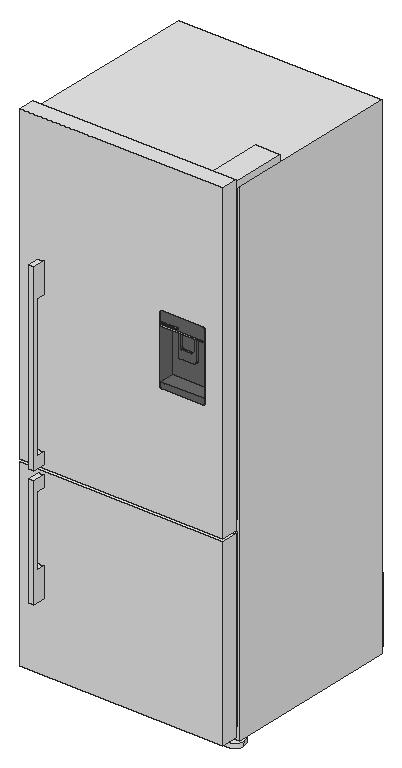
Revit family "Fisher & Paykel Fridge E442BRXFDU4", category Generic Models, host Floor, Revit 2013
Parameters
  URL = "www.fisherpaykel.com"
  Model = "Fridge E442BRXFDU4"
  Manufacturer = "Fisher&Paykel"
  Fridge = Fridge
  Designed by = "www.modlar.com"
  Description = "Fisher & Paykel - Fridge E442BRXFDU4"
Reference planes (in)
  plane 1 "Center (Front/Back)": y = 0
  plane 2: z = 0
  plane 3 "Center (Left/Right)": x = 0
Dimensions and locks (in)
  equal spacing: host sketch curve, plane 1 "Center (Front/Back)", host sketch curve
  equal spacing: host sketch curve, plane 3 "Center (Left/Right)", host sketch curve
  host sketch curve to host sketch curve = 10' - 0"  (x2)
  aligned and locked: level to plane 2
Nested families (in)
  nested 1: "E442BLRXFDU4" at (0, 0, 0) x (-1, 0, 0) z (0, 0, 1), type "E442BLRXFDU4"
Definition of nested family "E442BLRXFDU4"
  Parameters (values of type "E442BLRXFDU4")
    Width = 2' - 2.77165"
    URL = "www.fisherpaykel.com"
    Manufacturer = "Fisher&Paykel"
    Fridge = Fridge
    Model = "Fridge E442BLRXFDU4"
    Height = 5' - 7.51969"
    Designed by = "www.modlar.com"
    Description = "Fisher & Paykel - Fridge E442BLRXFDU4"
    Depth = 2' - 2.1811"
  Reference planes (in)
    plane 1 "Center (Front/Back)": y = 0
    plane 2: z = 0
    plane 3 "Center (Left/Right)": x = 0
    plane 4: x = -13.38583
    plane 5: y = 13.09055
    plane 6: y = -13.09055
    plane 7: x = 13.38583
    plane 8: z = 67.51969
    plane 9: y = -10.9252
    plane 10: z = 0.94488
    plane 11: z = 1.61417
    plane 12: z = 24.76378
    plane 13: z = 25.15748
    plane 14: y = -14.70472
    plane 15: x = -10.97638
    plane 16: z = 50.22441
    plane 17: z = 25.51181
    plane 18: z = 24.37008
    plane 19: z = 9.68504
    plane 20: z = 66.45669
    plane 21: y = -3.64173
    plane 22: x = 13.34646
    plane 23: x = 9.52756
    plane 24: y = 14.27165
    plane 25: z = 10.03937
    plane 26: z = 8.85827
    plane 27: x = -12.59843
    plane 28: x = 12.59843
    plane 29: z = 3.34646
    plane 30: x = 10.97638
    plane 31: y = 15.05906
    plane 32: z = 67.30315
    plane 33: z = 66.45669
    plane 34: y = -10.33465
    plane 35: x = -13.05118
    plane 36: x = 13.09055
    plane 37: z = 66.24016
    plane 38: z = 27.02756
    plane 39: z = 25.55118
    plane 40: z = 2.48031
    plane 41: z = 0.55118
    plane 42 "Front legs": y = -9.59449
    plane 43 "Front wheels": y = -5.87969
    plane 44: x = 10.8937
    plane 45 "Left legs": x = -12.20472
    plane 46 "right legs": x = 12.20472
    plane 47 "Back wheels": y = 11.5022
    plane 48: z = 63.38583
    plane 49: x = -11.00787
    plane 50 "Ice": y = -10.93307
    plane 51: z = 10.61024
  Forms (in)
    Extrusion 1, solid, material "Fridge" <- "Fridge"
      sketch origin (0, 0, 0) x (1, 0, 0) y (0, 1, 0)
        loop
          line (-13.36614, 13.09055) -> (-13.36614, -10.32677) -> (13.36614, -10.32677) -> (13.36614, 13.09055) -> (-13.36614, 13.09055)
      from 0.94488 to 66.45669
    Extrusion 2, solid, material "Fridge" <- "Fridge"
      sketch origin (0, 0, 0) x (1, 0, 0) y (0, 0, 1)
        loop
          line (-13.38583, 1.61417) -> (13.38583, 1.61417) -> (13.38583, 25.70866) -> (-13.38583, 25.70866) -> (-13.38583, 1.61417)
        loop
          line (-13.38583, 26.10236) -> (13.38583, 26.10236) -> (13.38583, 67.51969) -> (-13.38583, 67.51969) -> (-13.38583, 26.10236)
      from 10.9252 to 13.09055
    Extrusion 3, solid, material "Fridge" <- "Fridge"
      sketch origin (18.66142, 0, -0.03114) x (0, 1, 0) y (0, 0, 1)
        loop
          line (-14.70472, 50.60201) -> (-14.70472, 26.50752) -> (-13.09055, 26.50752) -> (-13.09055, 28.08233) -> (-14.15354, 28.08233) -> (-14.15354, 46.665) -> (-13.09055, 46.665) -> (-13.09055, 50.60201) -> (-14.70472, 50.60201)
        loop
          line (-14.70472, 25.36579) -> (-14.70472, 10.64138) -> (-13.09055, 10.64138) -> (-13.09055, 14.57839) -> (-14.15354, 14.57839) -> (-14.15354, 23.79099) -> (-13.09055, 23.79099) -> (-13.09055, 25.36579) -> (-14.70472, 25.36579)
      from -8.37402 to -7.76772
    Extrusion 4, solid, material "Fridge" <- "Fridge"
      sketch origin (0, 0, 0) x (0, 1, 0) y (0, 0, 1)
        loop
          line (14.27165, 0.94488) -> (14.27165, 9.78784) -> (13.09055, 10.96894) -> (13.09055, 0.94488) -> (14.27165, 0.94488)
      from -12.57874 to 12.57874
    Extrusion 5, solid, material "Fridge" <- "Fridge"
      sketch origin (0, 0, 0) x (0, 1, 0) y (0, 0, 1)
        loop
          line (-10.9252, 2.45079) -> (-10.32677, 2.45079) -> (-10.32677, 25.52165) -> (-10.9252, 25.52165) -> (-10.9252, 2.45079)
        loop
          line (-10.9252, 26.98819) -> (-10.32677, 26.98819) -> (-10.32677, 66.23622) -> (-10.9252, 66.23622) -> (-10.9252, 26.98819)
      from -13.05118 to 13.05118
    Extrusion 6, solid, material "Fridge" <- "Fridge"
      sketch origin (0.86586, -0.16515, 0) x (1, 0, 0) y (0, 1, 0)
        loop
          circle (-13.07058, -9.42933) r 0.19291
        loop
          circle (11.33887, -9.42933) r 0.19291
      from 0.55118 to 0.94488
    Extrusion 7, solid, material "Fridge" <- "Fridge"
      sketch origin (0.86546, -0.60554, 0) x (1, 0, 0) y (0, 1, 0)
        loop
          circle (11.33927, -8.98895) r 1.1811
        loop
          circle (-13.07018, -8.98895) r 1.1811
      from 0 to 0.55118
    Extrusion 8, solid, material "Fridge" <- "Fridge"
      sketch origin (0, 0, 0) x (1, 0, 0) y (0, 1, 0)
        loop
          line (-13.32283, -10.9252) -> (-10.16535, -10.9252) -> (-10.16535, -3.64173) -> (-13.32283, -3.64173) -> (-13.32283, -10.9252)
      from 66.45669 to 67.30315
    Extrusion 9, solid, material "Fridge" <- "Fridge"
      sketch origin (0, 0, 0) x (0, 1, 0) y (0, 0, 1)
        loop
          arc (-7.88409, 0.94488) -> (-6.88189, 0) -> (-5.87969, 0.94488) r 1.00394
          line (-5.87969, 0.94488) -> (-7.88409, 0.94488)
        loop
          arc (9.4978, 0.94488) -> (10.5, 0) -> (11.5022, 0.94488) r 1.00394
          line (11.5022, 0.94488) -> (9.4978, 0.94488)
      from -11.30512 to -10.64764
    Extrusion 10, solid, material "Fridge" <- "Fridge"
      sketch origin (21.97047, 0, 0) x (0, 1, 0) y (0, 0, 1)
        loop
          arc (-7.88409, 0.94488) -> (-6.88189, 0) -> (-5.87969, 0.94488) r 1.00394
          line (-5.87969, 0.94488) -> (-7.88409, 0.94488)
        loop
          arc (9.4978, 0.94488) -> (10.5, 0) -> (11.5022, 0.94488) r 1.00394
          line (11.5022, 0.94488) -> (9.4978, 0.94488)
      from -11.32283 to -10.66535
    Extrusion 11, void
      sketch origin (0, 0, 0) x (1, 0, 0) y (0, 0, 1)
        loop
          arc (-10.69291, 50.22441) -> (-10.91562, 50.13216) -> (-11.00787, 49.90945) r 0.31496
          line (-11.00787, 49.90945) -> (-11.00787, 41.26378)
          arc (-11.00787, 41.26378) -> (-10.91562, 41.04107) -> (-10.69291, 40.94882) r 0.31496
          line (-10.69291, 40.94882) -> (-5.39764, 40.94882)
          arc (-5.39764, 40.94882) -> (-5.17493, 41.04107) -> (-5.08268, 41.26378) r 0.31496
          line (-5.08268, 41.26378) -> (-5.08268, 49.90945)
          arc (-5.08268, 49.90945) -> (-5.17493, 50.13216) -> (-5.39764, 50.22441) r 0.31496
          line (-5.39764, 50.22441) -> (-10.69291, 50.22441)
      from 10.93307 to 13.09055
    Extrusion 12, solid, material "Fridge" <- "Fridge"
      sketch origin (-0.02756, 0, 0) x (-1, 0, 0) y (0, 0, -1)
        loop
          circle (10.97638, -3.34646) r 0.19685
      from -14.27165 to -15.05906
  Cuts and joins
    Extrusion 11 cuts Extrusion 1
    Extrusion 11 cuts Extrusion 2
  Dimensions and locks (in)
    equal spacing: plane 4, plane 3 "Center (Left/Right)", plane 7
    equal spacing: plane 5, plane 1 "Center (Front/Back)", plane 6
    "Depth": plane 5 to plane 6
    "Width": plane 4 to plane 7
    "Height": plane 8 to level
    plane 13 to plane 12 to plane 11 to plane 10 to level = 0' - 0.3937", 1' - 11.14961", 0' - 0.66929", 0' - 0.94488"
    plane 14 to plane 6 = 0' - 1.61417"
    plane 4 to plane 15 = 0' - 2.40945"
    plane 20 to level = 5' - 6.45669"
    plane 24 to plane 6 = 2' - 3.3622"
    level to plane 26 to plane 25 = 0' - 8.85827", 0' - 1.1811"
    plane 4 to plane 27 = 0' - 0.7874"
    plane 7 to plane 28 = 0' - 0.7874"
    plane 29 to plane 10 = 0' - 2.40157"
    plane 30 to plane 28 = 0' - 1.62205"
    plane 31 to plane 24 = 0' - 0.7874"
    plane 8 to plane 32 to plane 33 = 0' - 0.21654", 0' - 0.84646"
    plane 34 to plane 9 = 0' - 0.59055"
    plane 4 to plane 35 = 0' - 0.33465"
    plane 7 to plane 36 = 0' - 0.29528"
    plane 20 to plane 37 to plane 38 to plane 39 to plane 40 = 0' - 0.21654", 3' - 3.2126", 0' - 1.47638", 1' - 11.07087"
    plane 10 to plane 41 = 0' - 0.3937"
    plane 6 to plane 9 to plane 34 = 0' - 2.16535", 0' - 0.59055"
    plane 34 to plane 5 = 1' - 11.4252"
    plane 19 to level = 0' - 9.68504"
    plane 18 to level = 2' - 0.37008"
    plane 12 to level = 2' - 0.76378"
    plane 13 to level = 2' - 1.15748"
    level to plane 17 = 2' - 1.51181"
    level to plane 16 = 4' - 2.22441"
    Extrusion 2 to plane 44 = 0' - 2.49213"
    Extrusion 2 to Extrusion 3 = 1' - 4.94882"
    locked: Extrusion 3 to Extrusion 3 at 0.6063
    plane 8 to plane 48 = 0' - 4.13386"
    plane 8 to plane 16 = 1' - 5.29528"
    plane 49 to plane 4 = 0' - 2.37795"
    plane 50 "Ice" to Extrusion 2 = 0' - 2.15748"
    level to Extrusion 3 = 2' - 2.47638"
    plane 51 to level = 0' - 10.61024"
    plane 51 to Extrusion 3 sketch curve = 0' - 3.93701"
    Extrusion 3 sketch curve to Extrusion 3 sketch curve = 0' - 9.2126"
    Extrusion 3 sketch curve to Extrusion 3 sketch curve = 0' - 1.5748"  (x2)
    Extrusion 3 sketch curve to Extrusion 3 sketch curve = 0' - 1.14173"
    Extrusion 3 sketch curve to Extrusion 3 sketch curve = 1' - 6.58268"
    Extrusion 3 sketch curve to Extrusion 3 sketch curve = 0' - 3.93701"
    aligned and locked: plane 2 to level
    aligned and locked: Extrusion 1 sketch curve to plane 5
    aligned and locked: Extrusion 1 to plane 10
    aligned and locked: Extrusion 2 sketch curve to plane 11
    aligned and locked: Extrusion 2 sketch curve to plane 4  (x2)
    aligned and locked: Extrusion 2 sketch curve to plane 7
    aligned and locked: plane 14 to Extrusion 3 sketch curve  (x2)
    aligned and locked: Extrusion 3 sketch curve to plane 6  (x2)
    aligned and locked: plane 20 to Extrusion 1
    aligned and locked: Extrusion 2 sketch curve to plane 8
    aligned and locked: plane 24 to Extrusion 4 sketch curve
    aligned and locked: plane 10 to Extrusion 4 sketch curve
    aligned and locked: plane 5 to Extrusion 4 sketch curve
    aligned and locked: plane 9 to Extrusion 5 sketch curve  (x2)
    aligned and locked: plane 35 to Extrusion 5
    aligned and locked: Extrusion 6 to Extrusion 1
    aligned and locked: plane 41 to Extrusion 6
    aligned and locked: Extrusion 7 to level
    aligned and locked: Extrusion 7 to Extrusion 6
    aligned and locked: plane 44 to Extrusion 3
    aligned and locked: plane 32 to Extrusion 8
    aligned and locked: Extrusion 8 to Extrusion 1
    aligned and locked: Extrusion 8 to plane 20
  Automatic sketch dimensions
    Extrusion 1 sketch curve to plane 34 = 0' - 0.00787"
    plane 4 to Extrusion 1 sketch curve = 0' - 0.01969"
    plane 7 to Extrusion 1 sketch curve = 0' - 0.01969"
    plane 7 to Extrusion 2 sketch curve = 0' - 0"
    Extrusion 2 sketch curve to plane 39 = 0' - 0.15748"
    Extrusion 2 sketch curve to Extrusion 2 sketch curve = 0' - 0.3937"
    Extrusion 3 sketch curve to plane 6 = 0' - 0"  (x2)
    Extrusion 3 sketch curve to plane 51 = 0' - 0"
    plane 14 to Extrusion 3 sketch curve = 0' - 0.55118"  (x2)
    Extrusion 4 sketch curve to plane 19 = 0' - 0.1028"
    plane 51 to Extrusion 4 sketch curve = 0' - 0.3587"
    Extrusion 5 sketch curve to plane 34 = 0' - 0.00787"  (x2)
    plane 40 to Extrusion 5 sketch curve = 0' - 0.02953"
    Extrusion 5 sketch curve to plane 17 = 0' - 0.00984"
    plane 38 to Extrusion 5 sketch curve = 0' - 0.03937"
    plane 37 to Extrusion 5 sketch curve = 0' - 0.00394"
    plane 42 "Front legs" to Extrusion 6 sketch curve = 0' - 0"  (x2)
    Extrusion 6 sketch curve to plane 45 "Left legs" = 0' - 0"
    Extrusion 6 sketch curve to plane 46 "right legs" = 0' - 0"
    plane 42 "Front legs" to Extrusion 7 sketch curve = 0' - 0"  (x2)
    Extrusion 7 sketch curve to plane 45 "Left legs" = 0' - 0"
    Extrusion 7 sketch curve to plane 46 "right legs" = 0' - 0"
    Extrusion 8 sketch curve to plane 21 = 0' - 0"
    plane 9 to Extrusion 8 sketch curve = 0' - 0"
    plane 4 to Extrusion 8 sketch curve = 0' - 0.06299"
    Extrusion 8 sketch curve to plane 15 = 0' - 0.81102"
    Extrusion 9 sketch curve to plane 10 = 0' - 0"  (x2)
    Extrusion 9 sketch curve to plane 43 "Front wheels" = 0' - 0"
    Extrusion 9 sketch curve to plane 47 "Back wheels" = 0' - 0"
    Extrusion 9 sketch curve to plane 42 "Front legs" = 0' - 1.7104"
    plane 47 "Back wheels" to Extrusion 9 sketch curve = 0' - 2.0044"
    plane 10 to Extrusion 9 sketch curve = 0' - 0.05906"  (x2)
    Extrusion 10 sketch curve to plane 10 = 0' - 0"  (x2)
    Extrusion 10 sketch curve to plane 43 "Front wheels" = 0' - 0"
    Extrusion 10 sketch curve to plane 47 "Back wheels" = 0' - 0"
    Extrusion 10 sketch curve to plane 42 "Front legs" = 0' - 1.7104"
    plane 47 "Back wheels" to Extrusion 10 sketch curve = 0' - 2.0044"
    plane 10 to Extrusion 10 sketch curve = 0' - 0.05906"  (x2)
    Extrusion 11 sketch curve to plane 49 = 0' - 0"
    Extrusion 11 sketch curve to plane 16 = 0' - 0"
    Extrusion 11 sketch curve to plane 15 = 0' - 0.28346"  (x2)
    plane 16 to Extrusion 11 sketch curve = 0' - 9.27559"
    Extrusion 11 sketch curve to Extrusion 11 sketch curve = 0' - 5.29528"  (x2)
    plane 16 to Extrusion 11 sketch curve = 0' - 0.31496"
    Extrusion 12 sketch curve to plane 29 = 0' - 0"
    plane 49 to Extrusion 12 sketch curve = 0' - 0.00394"
    radius of Extrusion 6 sketch curve = 0' - 0.19291"  (x2)
    radius of Extrusion 7 sketch curve = 0' - 1.1811"  (x2)
    radius of Extrusion 12 sketch curve = 0' - 0.19685"
  Nested families (in)
    nested 1: "Ice maker" at (-11.00787, -10.93307, 40.94882), type "Ice maker"
  Definition of nested family "Ice maker"
    Parameters (values of type "Ice maker")
      Right = yes
      Left = not(Right)  # no
      Ice maker = UHMW, Black
      Fridge = Fridge
      Frame = Steel, Polished
      Brand = none
    Reference planes (in)
      plane 1 "Center (Front/Back)": y = 0
      plane 2: z = 0
      plane 3 "Center (Left/Right)": x = 0
      plane 4: y = -2.15748
      plane 5: x = 5.9252
      plane 6: z = 9.27559
      plane 7: z = 0.7874
      plane 8: z = 7.36614
      plane 9: z = 7.58268
      plane 10: z = 7.72161
      plane 11: x = 0.20906
      plane 12: x = 2.9626
      plane 13 "ice": y = -1.07874
      plane 14: y = -1.31496
      plane 15: y = -1.19685
      plane 16: z = 7.05118
      plane 17: x = 0.03937
      plane 18: x = 5.88583
      plane 19: y = -0.19685
      plane 20: x = 5.71614
    Forms (in)
      Extrusion 1, solid, material "Steel, Polished" <- "Frame"
        sketch origin (0, 0, 0) x (1, 0, 0) y (0, 0, 1)
          loop
            line (0.03937, 7.36614) -> (5.88583, 7.36614) -> (5.88583, 7.58268) -> (0.03937, 7.58268) -> (0.03937, 7.36614)
        from 0 to 2.15748
      Extrusion 2, solid, material "UHMW, Black" <- "Ice maker"
        sketch origin (0, 0, 0) x (1, 0, 0) y (0, 0, 1)
          loop
            arc (0.31496, 9.27559) -> (0.09225, 9.18334) -> (0, 8.96063) r 0.31496
            line (0, 8.96063) -> (0, 0.31496)
            arc (0, 0.31496) -> (0.09225, 0.09225) -> (0.31496, 0) r 0.31496
            line (0.31496, 0) -> (5.61024, 0)
            arc (5.61024, 0) -> (5.83295, 0.09225) -> (5.9252, 0.31496) r 0.31496
            line (5.9252, 0.31496) -> (5.9252, 8.96063)
            arc (5.9252, 8.96063) -> (5.83295, 9.18334) -> (5.61024, 9.27559) r 0.31496
            line (5.61024, 9.27559) -> (0.31496, 9.27559)
          loop
            line (0.03937, 7.58268) -> (0.03937, 0.7874) -> (5.88583, 0.7874) -> (5.88583, 7.58268) -> (0.03937, 7.58268)
        from 0 to 2.15748
      Extrusion 3, solid, material "Steel, Polished" <- "Frame", visible <- "Left"
        sketch origin (1.48386, -0.72498, 6.03523) x (1, 0, 0) y (0, 0, 1)
          loop
            line (-1.21864, 1.89726) -> (-1.27481, 1.68638) -> (-1.22418, 1.68638) -> (-1.20127, 1.77302) -> (-1.08384, 1.77302) -> (-1.07478, 1.8065) -> (-1.19219, 1.8065) -> (-1.17712, 1.86378) -> (-1.0534, 1.86378) -> (-1.04431, 1.89726) -> (-1.21864, 1.89726)
          loop
            line (-1.03819, 1.86696) -> (-0.99349, 1.86696) -> (-0.98521, 1.89726) -> (-1.02988, 1.89726) -> (-1.03819, 1.86696)
          loop
            line (-1.04692, 1.83403) -> (-1.08603, 1.68638) -> (-1.04135, 1.68638) -> (-1.00219, 1.83403) -> (-1.04692, 1.83403)
          loop
            line (0.84587, 1.68638) -> (0.89058, 1.68638) -> (0.94672, 1.89726) -> (0.90201, 1.89726) -> (0.84587, 1.68638)
          loop
            spline (-0.77488, 1.77016) -> (-0.76838, 1.78427) -> (-0.76144, 1.79419) -> (-0.75405, 1.80066) -> (-0.74615, 1.8044) -> (-0.7377, 1.80613) -> (-0.72866, 1.80656) -> (-0.71905, 1.80637) -> (-0.70952, 1.80544) -> (-0.70118, 1.80314) -> (-0.69517, 1.79883) -> (-0.69261, 1.79186) -> (-0.69462, 1.78157)
            line (-0.69462, 1.78157) -> (-0.71993, 1.68638) -> (-0.67526, 1.68638) -> (-0.64878, 1.78659)
            spline (-0.64878, 1.78659) -> (-0.64524, 1.80868) -> (-0.65113, 1.82225) -> (-0.66154, 1.82974) -> (-0.67192, 1.83352) -> (-0.68103, 1.83506) -> (-0.68939, 1.83537) -> (-0.69758, 1.83537) -> (-0.7063, 1.83531) -> (-0.71635, 1.83514) -> (-0.72861, 1.83383) -> (-0.74417, 1.82704) -> (-0.76419, 1.80971)
            line (-0.76419, 1.80971) -> (-0.7409, 1.89726) -> (-0.78554, 1.89726) -> (-0.84169, 1.68638) -> (-0.79701, 1.68638) -> (-0.77488, 1.77016)
          loop
            line (-0.43056, 1.83403) -> (-0.46969, 1.68638) -> (-0.42496, 1.68638) -> (-0.40208, 1.77329)
            spline (-0.40208, 1.77329) -> (-0.3967, 1.7866) -> (-0.39128, 1.79565) -> (-0.38568, 1.80132) -> (-0.37976, 1.80448) -> (-0.37337, 1.80602) -> (-0.36637, 1.8068) -> (-0.35885, 1.80732) -> (-0.35168, 1.80687) -> (-0.34583, 1.80453) -> (-0.34231, 1.79936) -> (-0.34209, 1.79044) -> (-0.34618, 1.77684)
            line (-0.34618, 1.77684) -> (-0.30401, 1.77684)
            spline (-0.30401, 1.77684) -> (-0.2994, 1.80487) -> (-0.3015, 1.81927) -> (-0.30738, 1.82556) -> (-0.31427, 1.82894) -> (-0.32121, 1.83139) -> (-0.32834, 1.83286) -> (-0.33588, 1.83337) -> (-0.3442, 1.83313) -> (-0.35365, 1.83234) -> (-0.3648, 1.82973) -> (-0.37844, 1.82177) -> (-0.39538, 1.80479)
            line (-0.39538, 1.80479) -> (-0.38588, 1.83403) -> (-0.43056, 1.83403)
          loop
            line (0.37675, 1.68638) -> (0.40913, 1.68638)
            arc (0.40913, 1.68638) -> (0.39373, 1.66965) -> (0.37596, 1.65546) r 0.14936
            arc (0.37596, 1.65546) -> (0.35908, 1.64902) -> (0.34126, 1.65194) r 0.03468
            line (0.34126, 1.65194) -> (0.33645, 1.62157)
            arc (0.33645, 1.62157) -> (0.35651, 1.62111) -> (0.37641, 1.62367) r 0.13362
            arc (0.37641, 1.62367) -> (0.40155, 1.63347) -> (0.42202, 1.65107) r 0.08014
            arc (0.42202, 1.65107) -> (0.43186, 1.66381) -> (0.44084, 1.67719) r 0.24064
            line (0.44084, 1.67719) -> (0.53099, 1.83403) -> (0.48474, 1.83403) -> (0.41548, 1.70946) -> (0.40287, 1.83403) -> (0.35545, 1.83403) -> (0.37675, 1.68638)
          loop
            line (0.55435, 1.89726) -> (0.49789, 1.68638) -> (0.54259, 1.68638) -> (0.55996, 1.7518) -> (0.59194, 1.7518) -> (0.63463, 1.68638) -> (0.68419, 1.68638) -> (0.62769, 1.76446) -> (0.71031, 1.83403) -> (0.66429, 1.83403) -> (0.59948, 1.77651) -> (0.56671, 1.77651) -> (0.59868, 1.89726) -> (0.55435, 1.89726)
          loop
            line (-0.06205, 1.68638) -> (-0.01148, 1.68638) -> (0.00672, 1.75435) -> (0.06563, 1.75435)
            spline (0.06563, 1.75435) -> (0.10605, 1.75615) -> (0.1335, 1.76119) -> (0.1516, 1.76889) -> (0.16389, 1.77871) -> (0.1727, 1.79053) -> (0.17932, 1.80454) -> (0.18501, 1.82097) -> (0.19059, 1.83986) -> (0.19243, 1.85953) -> (0.18454, 1.8774) -> (0.16089, 1.89084) -> (0.11546, 1.89726)
            line (0.11546, 1.89726) -> (-0.00594, 1.89726) -> (-0.06205, 1.68638)
          loop
            line (0.03561, 1.86378) -> (0.01583, 1.78914) -> (0.07275, 1.78914)
            spline (0.07275, 1.78914) -> (0.09203, 1.78854) -> (0.10627, 1.79103) -> (0.11648, 1.79607) -> (0.1237, 1.80312) -> (0.12896, 1.81163) -> (0.13329, 1.82106) -> (0.13706, 1.83085) -> (0.13902, 1.84038) -> (0.13769, 1.84906) -> (0.13156, 1.85626) -> (0.11915, 1.86137) -> (0.09895, 1.86378)
            line (0.09895, 1.86378) -> (0.03561, 1.86378)
          loop
            line (-0.58909, 1.77584) -> (-0.50844, 1.77584)
            spline (-0.50844, 1.77584) -> (-0.50477, 1.7897) -> (-0.50626, 1.79911) -> (-0.51183, 1.8049) -> (-0.52039, 1.80789) -> (-0.53086, 1.8089) -> (-0.54215, 1.80876) -> (-0.55324, 1.80813) -> (-0.56357, 1.80661) -> (-0.57272, 1.80342) -> (-0.58029, 1.79775) -> (-0.58589, 1.78883) -> (-0.58909, 1.77584)
          loop
            arc (-0.47047, 1.75374) -> (-0.46467, 1.77241) -> (-0.46052, 1.79151) r 0.22409
            arc (-0.46052, 1.79151) -> (-0.46283, 1.81165) -> (-0.47562, 1.82739) r 0.03615
            arc (-0.47562, 1.82739) -> (-0.51655, 1.83464) -> (-0.55811, 1.83404) r 0.21941
            arc (-0.55811, 1.83404) -> (-0.59608, 1.82507) -> (-0.6245, 1.79835) r 0.0755
            arc (-0.6245, 1.79835) -> (-0.64124, 1.75562) -> (-0.64173, 1.70974) r 0.12717
            arc (-0.64173, 1.70974) -> (-0.62583, 1.69088) -> (-0.60192, 1.6848) r 0.04036
            arc (-0.60192, 1.6848) -> (-0.56216, 1.68374) -> (-0.52247, 1.68644) r 0.41992
            arc (-0.52247, 1.68644) -> (-0.48922, 1.70021) -> (-0.47545, 1.73346) r 0.04702
            line (-0.47545, 1.73346) -> (-0.51991, 1.73346)
            spline (-0.51991, 1.73346) -> (-0.52641, 1.7225) -> (-0.53475, 1.71575) -> (-0.54438, 1.71231) -> (-0.55476, 1.71125) -> (-0.56536, 1.71165) -> (-0.57562, 1.7126) -> (-0.58498, 1.71387) -> (-0.59277, 1.71624) -> (-0.59837, 1.72055) -> (-0.60111, 1.72767) -> (-0.60035, 1.73845) -> (-0.59543, 1.75374)
            line (-0.59543, 1.75374) -> (-0.47047, 1.75374)
          loop
            line (0.729, 1.77651) -> (0.80965, 1.77651)
            spline (0.80965, 1.77651) -> (0.81332, 1.79037) -> (0.81182, 1.79978) -> (0.80626, 1.80557) -> (0.7977, 1.80855) -> (0.78723, 1.80957) -> (0.77594, 1.80943) -> (0.76485, 1.80879) -> (0.75452, 1.80727) -> (0.74537, 1.80408) -> (0.73779, 1.79842) -> (0.7322, 1.78949) -> (0.729, 1.77651)
          loop
            arc (0.84762, 1.75441) -> (0.85342, 1.77307) -> (0.85757, 1.79218) r 0.22409
            arc (0.85757, 1.79218) -> (0.85526, 1.81232) -> (0.84247, 1.82805) r 0.03615
            arc (0.84247, 1.82805) -> (0.80154, 1.8353) -> (0.75998, 1.83471) r 0.21941
            arc (0.75998, 1.83471) -> (0.72201, 1.82574) -> (0.69359, 1.79902) r 0.0755
            arc (0.69359, 1.79902) -> (0.67684, 1.75629) -> (0.67636, 1.7104) r 0.12717
            arc (0.67636, 1.7104) -> (0.69226, 1.69154) -> (0.71617, 1.68547) r 0.04036
            arc (0.71617, 1.68547) -> (0.75593, 1.6844) -> (0.79561, 1.6871) r 0.41992
            arc (0.79561, 1.6871) -> (0.82886, 1.70088) -> (0.84264, 1.73413) r 0.04702
            line (0.84264, 1.73413) -> (0.79818, 1.73413)
            spline (0.79818, 1.73413) -> (0.79168, 1.72316) -> (0.78334, 1.71642) -> (0.77371, 1.71298) -> (0.76333, 1.71192) -> (0.75273, 1.71232) -> (0.74247, 1.71326) -> (0.73311, 1.71453) -> (0.72531, 1.7169) -> (0.71972, 1.72122) -> (0.71698, 1.72834) -> (0.71774, 1.73912) -> (0.72265, 1.75441)
            line (0.72265, 1.75441) -> (0.84762, 1.75441)
          loop
            spline (0.34357, 1.78282) -> (0.34514, 1.80817) -> (0.33825, 1.82221) -> (0.32608, 1.82885) -> (0.31179, 1.83195) -> (0.29711, 1.83392) -> (0.2819, 1.83518) -> (0.2659, 1.83602) -> (0.24885, 1.83672) -> (0.23103, 1.83605) -> (0.21351, 1.83063) -> (0.19741, 1.8169) -> (0.18387, 1.79132)
            line (0.18387, 1.79132) -> (0.2289, 1.79132)
            arc (0.2289, 1.79132) -> (0.23491, 1.80582) -> (0.24941, 1.81183) r 0.0205
            arc (0.24941, 1.81183) -> (0.27155, 1.81341) -> (0.29326, 1.80876) r 0.079
            arc (0.29326, 1.80876) -> (0.29854, 1.78222) -> (0.29021, 1.75648) r 0.0537
            spline (0.29021, 1.75648) -> (0.25293, 1.77339) -> (0.22163, 1.77311) -> (0.19705, 1.76753) -> (0.17847, 1.75667) -> (0.16578, 1.74041) -> (0.16021, 1.72179) -> (0.16172, 1.70577) -> (0.17066, 1.69534) -> (0.18929, 1.68864) -> (0.21708, 1.68483) -> (0.25126, 1.68843) -> (0.28583, 1.71734)
            line (0.28583, 1.71734) -> (0.27319, 1.68638) -> (0.31786, 1.68638) -> (0.34357, 1.78282)
          loop
            spline (-1.01895, 1.73288) -> (-0.9943, 1.6855) -> (-0.9432, 1.68189) -> (-0.89987, 1.68748) -> (-0.86658, 1.70144) -> (-0.84565, 1.72641) -> (-0.84352, 1.7545) -> (-0.8679, 1.77161) -> (-0.91458, 1.77453) -> (-0.94827, 1.77943) -> (-0.95261, 1.79669) -> (-0.91556, 1.8125) -> (-0.87847, 1.79357)
            line (-0.87847, 1.79357) -> (-0.83534, 1.79357)
            spline (-0.83534, 1.79357) -> (-0.85718, 1.83183) -> (-0.90436, 1.83682) -> (-0.94598, 1.83455) -> (-0.97844, 1.8221) -> (-0.99512, 1.79396) -> (-0.99657, 1.76337) -> (-0.9667, 1.75045) -> (-0.92393, 1.74843) -> (-0.8944, 1.74297) -> (-0.89006, 1.72543) -> (-0.93102, 1.70701) -> (-0.9682, 1.73288)
            line (-0.9682, 1.73288) -> (-1.01895, 1.73288)
          loop
            arc (-0.11033, 1.72906) -> (-0.10165, 1.7495) -> (-0.09658, 1.77111) r 0.13002
            line (-0.09658, 1.77111) -> (-0.12583, 1.78061)
            arc (-0.12583, 1.78061) -> (-0.12972, 1.76452) -> (-0.13439, 1.74863) r 0.33888
            line (-0.13439, 1.74863) -> (-0.18597, 1.79044)
            spline (-0.18597, 1.79044) -> (-0.11521, 1.8076) -> (-0.09563, 1.82455) -> (-0.08715, 1.84733) -> (-0.091, 1.87056) -> (-0.10776, 1.88218) -> (-0.13051, 1.88799) -> (-0.15734, 1.89126) -> (-0.18798, 1.89134) -> (-0.21655, 1.88543) -> (-0.23876, 1.87119) -> (-0.25423, 1.84727) -> (-0.24628, 1.79766)
            spline (-0.24628, 1.79766) -> (-0.28906, 1.77986) -> (-0.30113, 1.76115) -> (-0.30634, 1.74244) -> (-0.30965, 1.72168) -> (-0.30606, 1.70372) -> (-0.29255, 1.69368) -> (-0.27462, 1.68816) -> (-0.25527, 1.68513) -> (-0.23382, 1.68407) -> (-0.2064, 1.68395) -> (-0.17102, 1.68742) -> (-0.13196, 1.70724)
            line (-0.13196, 1.70724) -> (-0.09709, 1.67965) -> (-0.07535, 1.70139) -> (-0.11033, 1.72906)
          loop
            spline (-0.22259, 1.78464) -> (-0.25235, 1.77437) -> (-0.26391, 1.75708) -> (-0.26961, 1.73909) -> (-0.27203, 1.7239) -> (-0.26871, 1.7134) -> (-0.25966, 1.70754) -> (-0.24697, 1.70469) -> (-0.23175, 1.70347) -> (-0.21283, 1.70314) -> (-0.18896, 1.70328) -> (-0.16334, 1.70725) -> (-0.14319, 1.72183)
            line (-0.14319, 1.72183) -> (-0.22259, 1.78464)
          loop
            line (-0.20026, 1.80202) -> (-0.15956, 1.80847)
            spline (-0.15956, 1.80847) -> (-0.13211, 1.8227) -> (-0.12788, 1.83852) -> (-0.12918, 1.84922) -> (-0.13606, 1.85499) -> (-0.14858, 1.85717) -> (-0.16393, 1.8574) -> (-0.17951, 1.85661) -> (-0.19326, 1.85466) -> (-0.20421, 1.85059) -> (-0.21365, 1.84195) -> (-0.21844, 1.82631) -> (-0.20026, 1.80202)
          loop
            arc (0.26439, 1.71816) -> (0.26304, 1.73938) -> (0.24476, 1.75024) r 0.02277
            arc (0.24476, 1.75024) -> (0.22922, 1.74985) -> (0.21392, 1.74712) r 0.10279
            arc (0.21392, 1.74712) -> (0.19962, 1.73607) -> (0.19778, 1.71809) r 0.0229
            arc (0.19778, 1.71809) -> (0.21277, 1.71009) -> (0.22908, 1.70531) r 0.08275
            arc (0.22908, 1.70531) -> (0.24848, 1.70694) -> (0.26439, 1.71816) r 0.03709
        from 1.4325 to 1.47187
      Extrusion 4, solid, material "UHMW, Black" <- "Ice maker"
        sketch origin (0, -1.07874, 0) x (0, 0, 1) y (-1, 0, 0)
          loop
            line (7.36614, -1.7815) -> (4.1378, -1.7815)
            arc (4.1378, -1.7815) -> (3.91508, -1.87375) -> (3.82283, -2.09646) r 0.31496
            line (3.82283, -2.09646) -> (3.82283, -3.82874)
            arc (3.82283, -3.82874) -> (3.91508, -4.05145) -> (4.1378, -4.1437) r 0.31496
            line (4.1378, -4.1437) -> (7.36614, -4.1437) -> (7.36614, -3.8878) -> (5.25984, -3.8878)
            arc (5.25984, -3.8878) -> (5.05105, -3.80131) -> (4.96457, -3.59252) r 0.29528
            line (4.96457, -3.59252) -> (4.96457, -2.33268)
            arc (4.96457, -2.33268) -> (5.05105, -2.12389) -> (5.25984, -2.0374) r 0.29528
            line (5.25984, -2.0374) -> (7.36614, -2.0374) -> (7.36614, -1.7815)
        from 0 to 0.23622
      Extrusion 5, solid, material "Steel, Polished" <- "Frame"
        sketch origin (0, 0, 0) x (1, 0, 0) y (0, 1, 0)
          loop
            circle (2.9626, -1.19685) r 0.29528
        from 7.05118 to 7.36614
      Extrusion 6, solid, material "UHMW, Black" <- "Ice maker"
        sketch origin (0, -1.07874, 0) x (0, 0, 1) y (-1, 0, 0)
          loop
            line (7.36614, -0.03937) -> (0.7874, -0.03937) -> (0.7874, -5.88583) -> (7.36614, -5.88583) -> (7.36614, -0.03937)
        from -1.07874 to -0.88189
      Extrusion 7, solid, material "Steel, Polished" <- "Frame", visible <- "Right"
        sketch origin (4.44134, -0.72498, 6.03523) x (-1, 0, 0) y (0, 0, -1)
          loop
            line (-1.21864, -1.89726) -> (-1.04431, -1.89726) -> (-1.0534, -1.86378) -> (-1.17712, -1.86378) -> (-1.19219, -1.8065) -> (-1.07478, -1.8065) -> (-1.08384, -1.77302) -> (-1.20127, -1.77302) -> (-1.22418, -1.68638) -> (-1.27481, -1.68638) -> (-1.21864, -1.89726)
          loop
            line (-1.03819, -1.86696) -> (-1.02988, -1.89726) -> (-0.98521, -1.89726) -> (-0.99349, -1.86696) -> (-1.03819, -1.86696)
          loop
            line (-1.04692, -1.83403) -> (-1.00219, -1.83403) -> (-1.04135, -1.68638) -> (-1.08603, -1.68638) -> (-1.04692, -1.83403)
          loop
            line (0.84587, -1.68638) -> (0.90201, -1.89726) -> (0.94672, -1.89726) -> (0.89058, -1.68638) -> (0.84587, -1.68638)
          loop
            line (-0.77488, -1.77016) -> (-0.79701, -1.68638) -> (-0.84169, -1.68638) -> (-0.78554, -1.89726) -> (-0.7409, -1.89726) -> (-0.76419, -1.80971)
            spline (-0.76419, -1.80971) -> (-0.74417, -1.82704) -> (-0.72861, -1.83383) -> (-0.71635, -1.83514) -> (-0.7063, -1.83531) -> (-0.69758, -1.83537) -> (-0.68939, -1.83537) -> (-0.68103, -1.83506) -> (-0.67192, -1.83352) -> (-0.66154, -1.82974) -> (-0.65113, -1.82225) -> (-0.64524, -1.80868) -> (-0.64878, -1.78659)
            line (-0.64878, -1.78659) -> (-0.67526, -1.68638) -> (-0.71993, -1.68638) -> (-0.69462, -1.78157)
            spline (-0.69462, -1.78157) -> (-0.69261, -1.79186) -> (-0.69517, -1.79883) -> (-0.70118, -1.80314) -> (-0.70952, -1.80544) -> (-0.71905, -1.80637) -> (-0.72866, -1.80656) -> (-0.7377, -1.80613) -> (-0.74615, -1.8044) -> (-0.75405, -1.80066) -> (-0.76144, -1.79419) -> (-0.76838, -1.78427) -> (-0.77488, -1.77016)
          loop
            line (-0.43056, -1.83403) -> (-0.38588, -1.83403) -> (-0.39538, -1.80479)
            spline (-0.39538, -1.80479) -> (-0.37844, -1.82177) -> (-0.3648, -1.82973) -> (-0.35365, -1.83234) -> (-0.3442, -1.83313) -> (-0.33588, -1.83337) -> (-0.32834, -1.83286) -> (-0.32121, -1.83139) -> (-0.31427, -1.82894) -> (-0.30738, -1.82556) -> (-0.3015, -1.81927) -> (-0.2994, -1.80487) -> (-0.30401, -1.77684)
            line (-0.30401, -1.77684) -> (-0.34618, -1.77684)
            spline (-0.34618, -1.77684) -> (-0.34209, -1.79044) -> (-0.34231, -1.79936) -> (-0.34583, -1.80453) -> (-0.35168, -1.80687) -> (-0.35885, -1.80732) -> (-0.36637, -1.8068) -> (-0.37337, -1.80602) -> (-0.37976, -1.80448) -> (-0.38568, -1.80132) -> (-0.39128, -1.79565) -> (-0.3967, -1.7866) -> (-0.40208, -1.77329)
            line (-0.40208, -1.77329) -> (-0.42496, -1.68638) -> (-0.46969, -1.68638) -> (-0.43056, -1.83403)
          loop
            line (0.37675, -1.68638) -> (0.35545, -1.83403) -> (0.40287, -1.83403) -> (0.41548, -1.70946) -> (0.48474, -1.83403) -> (0.53099, -1.83403) -> (0.44084, -1.67719)
            arc (0.44084, -1.67719) -> (0.43186, -1.66381) -> (0.42202, -1.65107) r 0.24064
            arc (0.42202, -1.65107) -> (0.40155, -1.63347) -> (0.37641, -1.62367) r 0.08014
            arc (0.37641, -1.62367) -> (0.35651, -1.62111) -> (0.33645, -1.62157) r 0.13362
            line (0.33645, -1.62157) -> (0.34126, -1.65194)
            arc (0.34126, -1.65194) -> (0.35908, -1.64902) -> (0.37596, -1.65546) r 0.03468
            arc (0.37596, -1.65546) -> (0.39373, -1.66965) -> (0.40913, -1.68638) r 0.14936
            line (0.40913, -1.68638) -> (0.37675, -1.68638)
          loop
            line (0.55435, -1.89726) -> (0.59868, -1.89726) -> (0.56671, -1.77651) -> (0.59948, -1.77651) -> (0.66429, -1.83403) -> (0.71031, -1.83403) -> (0.62769, -1.76446) -> (0.68419, -1.68638) -> (0.63463, -1.68638) -> (0.59194, -1.7518) -> (0.55996, -1.7518) -> (0.54259, -1.68638) -> (0.49789, -1.68638) -> (0.55435, -1.89726)
          loop
            line (-0.06205, -1.68638) -> (-0.00594, -1.89726) -> (0.11546, -1.89726)
            spline (0.11546, -1.89726) -> (0.16089, -1.89084) -> (0.18454, -1.8774) -> (0.19243, -1.85953) -> (0.19059, -1.83986) -> (0.18501, -1.82097) -> (0.17932, -1.80454) -> (0.1727, -1.79053) -> (0.16389, -1.77871) -> (0.1516, -1.76889) -> (0.1335, -1.76119) -> (0.10605, -1.75615) -> (0.06563, -1.75435)
            line (0.06563, -1.75435) -> (0.00672, -1.75435) -> (-0.01148, -1.68638) -> (-0.06205, -1.68638)
          loop
            line (0.03561, -1.86378) -> (0.09895, -1.86378)
            spline (0.09895, -1.86378) -> (0.11915, -1.86137) -> (0.13156, -1.85626) -> (0.13769, -1.84906) -> (0.13902, -1.84038) -> (0.13706, -1.83085) -> (0.13329, -1.82106) -> (0.12896, -1.81163) -> (0.1237, -1.80312) -> (0.11648, -1.79607) -> (0.10627, -1.79103) -> (0.09203, -1.78854) -> (0.07275, -1.78914)
            line (0.07275, -1.78914) -> (0.01583, -1.78914) -> (0.03561, -1.86378)
          loop
            spline (-0.58909, -1.77584) -> (-0.58589, -1.78883) -> (-0.58029, -1.79775) -> (-0.57272, -1.80342) -> (-0.56357, -1.80661) -> (-0.55324, -1.80813) -> (-0.54215, -1.80876) -> (-0.53086, -1.8089) -> (-0.52039, -1.80789) -> (-0.51183, -1.8049) -> (-0.50626, -1.79911) -> (-0.50477, -1.7897) -> (-0.50844, -1.77584)
            line (-0.50844, -1.77584) -> (-0.58909, -1.77584)
          loop
            line (-0.47047, -1.75374) -> (-0.59543, -1.75374)
            spline (-0.59543, -1.75374) -> (-0.60035, -1.73845) -> (-0.60111, -1.72767) -> (-0.59837, -1.72055) -> (-0.59277, -1.71624) -> (-0.58498, -1.71387) -> (-0.57562, -1.7126) -> (-0.56536, -1.71165) -> (-0.55476, -1.71125) -> (-0.54438, -1.71231) -> (-0.53475, -1.71575) -> (-0.52641, -1.7225) -> (-0.51991, -1.73346)
            line (-0.51991, -1.73346) -> (-0.47545, -1.73346)
            arc (-0.47545, -1.73346) -> (-0.48922, -1.70021) -> (-0.52247, -1.68644) r 0.04702
            arc (-0.52247, -1.68644) -> (-0.56216, -1.68374) -> (-0.60192, -1.6848) r 0.41992
            arc (-0.60192, -1.6848) -> (-0.62583, -1.69088) -> (-0.64173, -1.70974) r 0.04036
            arc (-0.64173, -1.70974) -> (-0.64124, -1.75562) -> (-0.6245, -1.79835) r 0.12717
            arc (-0.6245, -1.79835) -> (-0.59608, -1.82507) -> (-0.55811, -1.83404) r 0.0755
            arc (-0.55811, -1.83404) -> (-0.51655, -1.83464) -> (-0.47562, -1.82739) r 0.21941
            arc (-0.47562, -1.82739) -> (-0.46283, -1.81165) -> (-0.46052, -1.79151) r 0.03615
            arc (-0.46052, -1.79151) -> (-0.46467, -1.77241) -> (-0.47047, -1.75374) r 0.22409
          loop
            spline (0.729, -1.77651) -> (0.7322, -1.78949) -> (0.73779, -1.79842) -> (0.74537, -1.80408) -> (0.75452, -1.80727) -> (0.76485, -1.80879) -> (0.77594, -1.80943) -> (0.78723, -1.80957) -> (0.7977, -1.80855) -> (0.80626, -1.80557) -> (0.81182, -1.79978) -> (0.81332, -1.79037) -> (0.80965, -1.77651)
            line (0.80965, -1.77651) -> (0.729, -1.77651)
          loop
            line (0.84762, -1.75441) -> (0.72265, -1.75441)
            spline (0.72265, -1.75441) -> (0.71774, -1.73912) -> (0.71698, -1.72834) -> (0.71972, -1.72122) -> (0.72531, -1.7169) -> (0.73311, -1.71453) -> (0.74247, -1.71326) -> (0.75273, -1.71232) -> (0.76333, -1.71192) -> (0.77371, -1.71298) -> (0.78334, -1.71642) -> (0.79168, -1.72316) -> (0.79818, -1.73413)
            line (0.79818, -1.73413) -> (0.84264, -1.73413)
            arc (0.84264, -1.73413) -> (0.82886, -1.70088) -> (0.79561, -1.6871) r 0.04702
            arc (0.79561, -1.6871) -> (0.75593, -1.6844) -> (0.71617, -1.68547) r 0.41992
            arc (0.71617, -1.68547) -> (0.69226, -1.69154) -> (0.67636, -1.7104) r 0.04036
            arc (0.67636, -1.7104) -> (0.67684, -1.75629) -> (0.69359, -1.79902) r 0.12717
            arc (0.69359, -1.79902) -> (0.72201, -1.82574) -> (0.75998, -1.83471) r 0.0755
            arc (0.75998, -1.83471) -> (0.80154, -1.8353) -> (0.84247, -1.82805) r 0.21941
            arc (0.84247, -1.82805) -> (0.85526, -1.81232) -> (0.85757, -1.79218) r 0.03615
            arc (0.85757, -1.79218) -> (0.85342, -1.77307) -> (0.84762, -1.75441) r 0.22409
          loop
            line (0.34357, -1.78282) -> (0.31786, -1.68638) -> (0.27319, -1.68638) -> (0.28583, -1.71734)
            spline (0.28583, -1.71734) -> (0.25126, -1.68843) -> (0.21708, -1.68483) -> (0.18929, -1.68864) -> (0.17066, -1.69534) -> (0.16172, -1.70577) -> (0.16021, -1.72179) -> (0.16578, -1.74041) -> (0.17847, -1.75667) -> (0.19705, -1.76753) -> (0.22163, -1.77311) -> (0.25293, -1.77339) -> (0.29021, -1.75648)
            arc (0.29021, -1.75648) -> (0.29854, -1.78222) -> (0.29326, -1.80876) r 0.0537
            arc (0.29326, -1.80876) -> (0.27155, -1.81341) -> (0.24941, -1.81183) r 0.079
            arc (0.24941, -1.81183) -> (0.23491, -1.80582) -> (0.2289, -1.79132) r 0.0205
            line (0.2289, -1.79132) -> (0.18387, -1.79132)
            spline (0.18387, -1.79132) -> (0.19741, -1.8169) -> (0.21351, -1.83063) -> (0.23103, -1.83605) -> (0.24885, -1.83672) -> (0.2659, -1.83602) -> (0.2819, -1.83518) -> (0.29711, -1.83392) -> (0.31179, -1.83195) -> (0.32608, -1.82885) -> (0.33825, -1.82221) -> (0.34514, -1.80817) -> (0.34357, -1.78282)
          loop
            line (-1.01895, -1.73288) -> (-0.9682, -1.73288)
            spline (-0.9682, -1.73288) -> (-0.93102, -1.70701) -> (-0.89006, -1.72543) -> (-0.8944, -1.74297) -> (-0.92393, -1.74843) -> (-0.9667, -1.75045) -> (-0.99657, -1.76337) -> (-0.99512, -1.79396) -> (-0.97844, -1.8221) -> (-0.94598, -1.83455) -> (-0.90436, -1.83682) -> (-0.85718, -1.83183) -> (-0.83534, -1.79357)
            line (-0.83534, -1.79357) -> (-0.87847, -1.79357)
            spline (-0.87847, -1.79357) -> (-0.91556, -1.8125) -> (-0.95261, -1.79669) -> (-0.94827, -1.77943) -> (-0.91458, -1.77453) -> (-0.8679, -1.77161) -> (-0.84352, -1.7545) -> (-0.84565, -1.72641) -> (-0.86658, -1.70144) -> (-0.89987, -1.68748) -> (-0.9432, -1.68189) -> (-0.9943, -1.6855) -> (-1.01895, -1.73288)
          loop
            line (-0.11033, -1.72906) -> (-0.07535, -1.70139) -> (-0.09709, -1.67965) -> (-0.13196, -1.70724)
            spline (-0.13196, -1.70724) -> (-0.17102, -1.68742) -> (-0.2064, -1.68395) -> (-0.23382, -1.68407) -> (-0.25527, -1.68513) -> (-0.27462, -1.68816) -> (-0.29255, -1.69368) -> (-0.30606, -1.70372) -> (-0.30965, -1.72168) -> (-0.30634, -1.74244) -> (-0.30113, -1.76115) -> (-0.28906, -1.77986) -> (-0.24628, -1.79766)
            spline (-0.24628, -1.79766) -> (-0.25423, -1.84727) -> (-0.23876, -1.87119) -> (-0.21655, -1.88543) -> (-0.18798, -1.89134) -> (-0.15734, -1.89126) -> (-0.13051, -1.88799) -> (-0.10776, -1.88218) -> (-0.091, -1.87056) -> (-0.08715, -1.84733) -> (-0.09563, -1.82455) -> (-0.11521, -1.8076) -> (-0.18597, -1.79044)
            line (-0.18597, -1.79044) -> (-0.13439, -1.74863)
            arc (-0.13439, -1.74863) -> (-0.12972, -1.76452) -> (-0.12583, -1.78061) r 0.33888
            line (-0.12583, -1.78061) -> (-0.09658, -1.77111)
            arc (-0.09658, -1.77111) -> (-0.10165, -1.7495) -> (-0.11033, -1.72906) r 0.13002
          loop
            line (-0.22259, -1.78464) -> (-0.14319, -1.72183)
            spline (-0.14319, -1.72183) -> (-0.16334, -1.70725) -> (-0.18896, -1.70328) -> (-0.21283, -1.70314) -> (-0.23175, -1.70347) -> (-0.24697, -1.70469) -> (-0.25966, -1.70754) -> (-0.26871, -1.7134) -> (-0.27203, -1.7239) -> (-0.26961, -1.73909) -> (-0.26391, -1.75708) -> (-0.25235, -1.77437) -> (-0.22259, -1.78464)
          loop
            spline (-0.20026, -1.80202) -> (-0.21844, -1.82631) -> (-0.21365, -1.84195) -> (-0.20421, -1.85059) -> (-0.19326, -1.85466) -> (-0.17951, -1.85661) -> (-0.16393, -1.8574) -> (-0.14858, -1.85717) -> (-0.13606, -1.85499) -> (-0.12918, -1.84922) -> (-0.12788, -1.83852) -> (-0.13211, -1.8227) -> (-0.15956, -1.80847)
            line (-0.15956, -1.80847) -> (-0.20026, -1.80202)
          loop
            arc (0.26439, -1.71816) -> (0.24848, -1.70694) -> (0.22908, -1.70531) r 0.03709
            arc (0.22908, -1.70531) -> (0.21277, -1.71009) -> (0.19778, -1.71809) r 0.08275
            arc (0.19778, -1.71809) -> (0.19962, -1.73607) -> (0.21392, -1.74712) r 0.0229
            arc (0.21392, -1.74712) -> (0.22922, -1.74985) -> (0.24476, -1.75024) r 0.10279
            arc (0.24476, -1.75024) -> (0.26304, -1.73938) -> (0.26439, -1.71816) r 0.02277
        from 1.4325 to 1.47187
    Dimensions and locks (in)
      locked: plane 1 "Center (Front/Back)" to plane 4 at 2.15748
      locked: plane 3 "Center (Left/Right)" to plane 5 at 5.9252
      locked: plane 6 to level at 9.27559
      locked: plane 7 to level at 0.7874
      locked: plane 6 to plane 9 at 1.69291
      locked: plane 9 to plane 8 at 0.21654
      locked: plane 6 to plane 10 at 1.55398
      locked: plane 11 to plane 3 "Center (Left/Right)" at 0.20906
      equal spacing: plane 5, plane 12, plane 3 "Center (Left/Right)"
      locked: plane 8 to plane 16 at 0.31496
      plane 1 "Center (Front/Back)" to plane 4 = 0' - 2.15748"
      plane 5 to plane 20 = 0' - 0.20906"
      aligned and locked: plane 2 to level
    Automatic sketch dimensions
      Extrusion 1 sketch curve to plane 9 = 0' - 0"
      Extrusion 1 sketch curve to plane 17 = 0' - 0"
      Extrusion 1 sketch curve to plane 18 = 0' - 0"
      Extrusion 1 sketch curve to plane 8 = 0' - 0"
      Extrusion 2 sketch curve to plane 3 "Center (Left/Right)" = 0' - 0"
      Extrusion 2 sketch curve to plane 7 = 0' - 0"
      Extrusion 2 sketch curve to plane 17 = 0' - 0"
      Extrusion 2 sketch curve to level = 0' - 0"
      Extrusion 2 sketch curve to plane 6 = 0' - 0"
      Extrusion 2 sketch curve to plane 18 = 0' - 0"
      Extrusion 2 sketch curve to plane 5 = 0' - 0"
      Extrusion 2 sketch curve to plane 9 = 0' - 0"
      plane 11 to Extrusion 2 sketch curve = 0' - 0.10591"  (x2)
      Extrusion 2 sketch curve to plane 20 = 0' - 0.10591"  (x2)
      Extrusion 3 sketch curve to plane 10 = 0' - 0"  (x11)
      Extrusion 3 sketch curve to plane 11 = 0' - 0"
      Extrusion 3 sketch curve to plane 10 = 0' - 0.06481"
      Extrusion 3 sketch curve to Extrusion 3 sketch curve = 0' - 0.05063"
      plane 11 to Extrusion 3 sketch curve = 0' - 0.05617"
      plane 11 to Extrusion 3 sketch curve = 0' - 0.07353"
      Extrusion 3 sketch curve to Extrusion 3 sketch curve = 0' - 0.00908"  (x2)
      Extrusion 3 sketch curve to Extrusion 3 sketch curve = 0' - 0.04152"
      Extrusion 3 sketch curve to Extrusion 3 sketch curve = 0' - 0.13815"
      Extrusion 3 sketch curve to Extrusion 3 sketch curve = 0' - 0.00219"
      Extrusion 3 sketch curve to Extrusion 3 sketch curve = 0' - 0.00906"
      Extrusion 3 sketch curve to Extrusion 3 sketch curve = 0' - 0.02138"
      Extrusion 3 sketch curve to Extrusion 3 sketch curve = 0' - 0.00648"
      Extrusion 3 sketch curve to Extrusion 3 sketch curve = 0' - 0.04467"  (x3)
      Extrusion 3 sketch curve to Extrusion 3 sketch curve = 0' - 0.01521"
      Extrusion 3 sketch curve to Extrusion 3 sketch curve = 0' - 0.01443"
      Extrusion 3 sketch curve to Extrusion 3 sketch curve = 0' - 0.02241"
      Extrusion 3 sketch curve to Extrusion 3 sketch curve = 0' - 0.04473"  (x2)
      Extrusion 3 sketch curve to Extrusion 3 sketch curve = 0' - 0.0087"
      Extrusion 3 sketch curve to Extrusion 3 sketch curve = 0' - 0.00828"
      Extrusion 3 sketch curve to Extrusion 3 sketch curve = 0' - 0.05074"
      plane 10 to Extrusion 3 sketch curve = 0' - 0.10719"
      Extrusion 3 sketch curve to Extrusion 3 sketch curve = 0' - 0.08974"
      Extrusion 3 sketch curve to Extrusion 3 sketch curve = 0' - 0.03678"
      Extrusion 3 sketch curve to Extrusion 3 sketch curve = 0' - 0.04312"
      Extrusion 3 sketch curve to Extrusion 3 sketch curve = 0' - 0.0498"
      plane 10 to Extrusion 3 sketch curve = 0' - 0.08378"
      Extrusion 3 sketch curve to Extrusion 3 sketch curve = 0' - 0.06046"
      plane 10 to Extrusion 3 sketch curve = 0' - 0.12333"
      Extrusion 3 sketch curve to Extrusion 3 sketch curve = 0' - 0.01069"
      Extrusion 3 sketch curve to Extrusion 3 sketch curve = 0' - 0.04465"
      Extrusion 3 sketch curve to Extrusion 3 sketch curve = 0' - 0.07708"
      plane 10 to Extrusion 3 sketch curve = 0' - 0.09519"
      Extrusion 3 sketch curve to Extrusion 3 sketch curve = 0' - 0.06957"
      plane 10 to Extrusion 3 sketch curve = 0' - 0.10021"
      Extrusion 3 sketch curve to Extrusion 3 sketch curve = 0' - 0.04584"
      Extrusion 3 sketch curve to Extrusion 3 sketch curve = 0' - 0.05334"
      Extrusion 3 sketch curve to Extrusion 3 sketch curve = 0' - 0.00634"  (x2)
      plane 10 to Extrusion 3 sketch curve = 0' - 0.04708"
      Extrusion 3 sketch curve to Extrusion 3 sketch curve = 0' - 0.07553"  (x2)
      Extrusion 3 sketch curve to Extrusion 3 sketch curve = 0' - 0.01147"  (x2)
      Extrusion 3 sketch curve to Extrusion 3 sketch curve = 0' - 0.04445"  (x2)
      Extrusion 3 sketch curve to Extrusion 3 sketch curve = 0' - 0.00499"  (x2)
      Extrusion 3 sketch curve to Extrusion 3 sketch curve = 0' - 0.00576"
      plane 10 to Extrusion 3 sketch curve = 0' - 0.14765"  (x4)
      Extrusion 3 sketch curve to Extrusion 3 sketch curve = 0' - 0.03991"
      plane 10 to Extrusion 3 sketch curve = 0' - 0.08691"
      Extrusion 3 sketch curve to Extrusion 3 sketch curve = 0' - 0.02847"
      plane 10 to Extrusion 3 sketch curve = 0' - 0.11841"
      Extrusion 3 sketch curve to Extrusion 3 sketch curve = 0' - 0.0067"
      Extrusion 3 sketch curve to Extrusion 3 sketch curve = 0' - 0.0095"
      plane 10 to Extrusion 3 sketch curve = 0' - 0.09046"
      Extrusion 3 sketch curve to Extrusion 3 sketch curve = 0' - 0.05591"
      Extrusion 3 sketch curve to Extrusion 3 sketch curve = 0' - 0.04217"
      plane 10 to Extrusion 3 sketch curve = 0' - 0.11128"
      Extrusion 3 sketch curve to Extrusion 3 sketch curve = 0' - 0.05773"
      plane 10 to Extrusion 3 sketch curve = 0' - 0.09826"
      Extrusion 3 sketch curve to Extrusion 3 sketch curve = 0' - 0.02369"
      plane 10 to Extrusion 3 sketch curve = 0' - 0.11564"
      Extrusion 3 sketch curve to Extrusion 3 sketch curve = 0' - 0.02233"
      plane 10 to Extrusion 3 sketch curve = 0' - 0.10406"
      Extrusion 3 sketch curve to Extrusion 3 sketch curve = 0' - 0.01429"
      plane 10 to Extrusion 3 sketch curve = 0' - 0.12209"
      Extrusion 3 sketch curve to Extrusion 3 sketch curve = 0' - 0.0264"
      plane 10 to Extrusion 3 sketch curve = 0' - 0.03545"
      Extrusion 3 sketch curve to Extrusion 3 sketch curve = 0' - 0.04278"
      plane 10 to Extrusion 3 sketch curve = 0' - 0.06225"
      Extrusion 3 sketch curve to Extrusion 3 sketch curve = 0' - 0.0088"
      plane 10 to Extrusion 3 sketch curve = 0' - 0.02085"
      Extrusion 3 sketch curve to Extrusion 3 sketch curve = 0' - 0.01123"
      plane 10 to Extrusion 3 sketch curve = 0' - 0.09423"
      Extrusion 3 sketch curve to Extrusion 3 sketch curve = 0' - 0.00856"
      plane 10 to Extrusion 3 sketch curve = 0' - 0.04268"
      Extrusion 3 sketch curve to Extrusion 3 sketch curve = 0' - 0.02164"
      Extrusion 3 sketch curve to plane 10 = 0' - 0.00673"
      Extrusion 3 sketch curve to Extrusion 3 sketch curve = 0' - 0.03487"
      plane 10 to Extrusion 3 sketch curve = 0' - 0.08472"
      Extrusion 3 sketch curve to Extrusion 3 sketch curve = 0' - 0.02924"
      plane 10 to Extrusion 3 sketch curve = 0' - 0.01501"
      Extrusion 3 sketch curve to Extrusion 3 sketch curve = 0' - 0.02174"
      Extrusion 3 sketch curve to Extrusion 3 sketch curve = 0' - 0.01329"
      Extrusion 3 sketch curve to Extrusion 3 sketch curve = 0' - 0.05057"
      plane 10 to Extrusion 3 sketch curve = 0' - 0.21088"  (x3)
      Extrusion 3 sketch curve to Extrusion 3 sketch curve = 0' - 0.09065"
      Extrusion 3 sketch curve to Extrusion 3 sketch curve = 0' - 0.0182"
      plane 10 to Extrusion 3 sketch curve = 0' - 0.10275"
      Extrusion 3 sketch curve to Extrusion 3 sketch curve = 0' - 0.00911"
      plane 10 to Extrusion 3 sketch curve = 0' - 0.1774"
      Extrusion 3 sketch curve to Extrusion 3 sketch curve = 0' - 0.04155"
      Extrusion 3 sketch curve to Extrusion 3 sketch curve = 0' - 0.05891"
      Extrusion 3 sketch curve to Extrusion 3 sketch curve = 0' - 0.00712"
      Extrusion 3 sketch curve to Extrusion 3 sketch curve = 0' - 0.06335"
      Extrusion 3 sketch curve to Extrusion 3 sketch curve = 0' - 0.0165"
      Extrusion 3 sketch curve to Extrusion 3 sketch curve = 0' - 0.11112"
      Extrusion 3 sketch curve to Extrusion 3 sketch curve = 0' - 0.04503"
      Extrusion 3 sketch curve to Extrusion 3 sketch curve = 0' - 0.04429"
      plane 10 to Extrusion 3 sketch curve = 0' - 0.03096"
      Extrusion 3 sketch curve to Extrusion 3 sketch curve = 0' - 0.01264"
      plane 10 to Extrusion 3 sketch curve = 0' - 0.0701"
      Extrusion 3 sketch curve to Extrusion 3 sketch curve = 0' - 0.00438"
      Extrusion 3 sketch curve to Extrusion 3 sketch curve = 0' - 0.03203"
      Extrusion 3 sketch curve to Extrusion 3 sketch curve = 0' - 0.01858"
      Extrusion 3 sketch curve to plane 10 = 0' - 0.03444"
      Extrusion 3 sketch curve to Extrusion 3 sketch curve = 0' - 0.00481"
      plane 10 to Extrusion 3 sketch curve = 0' - 0.09644"
      Extrusion 3 sketch curve to Extrusion 3 sketch curve = 0' - 0.05335"
      Extrusion 3 sketch curve to Extrusion 3 sketch curve = 0' - 0.01188"
      Extrusion 3 sketch curve to Extrusion 3 sketch curve = 0' - 0.03549"
      Extrusion 3 sketch curve to Extrusion 3 sketch curve = 0' - 0.04742"
      Extrusion 3 sketch curve to Extrusion 3 sketch curve = 0' - 0.03238"
      plane 10 to Extrusion 3 sketch curve = 0' - 0.02308"
      Extrusion 3 sketch curve to Extrusion 3 sketch curve = 0' - 0.00635"
      Extrusion 3 sketch curve to plane 10 = 0' - 0.0092"
      Extrusion 3 sketch curve to Extrusion 3 sketch curve = 0' - 0.03171"
      Extrusion 3 sketch curve to Extrusion 3 sketch curve = 0' - 0.08187"
      Extrusion 3 sketch curve to Extrusion 3 sketch curve = 0' - 0.05705"
      Extrusion 3 sketch curve to Extrusion 3 sketch curve = 0' - 0.04625"
      Extrusion 3 sketch curve to Extrusion 3 sketch curve = 0' - 0.0447"  (x3)
      Extrusion 3 sketch curve to Extrusion 3 sketch curve = 0' - 0.02336"
      plane 10 to Extrusion 3 sketch curve = 0' - 0.06542"
      Extrusion 3 sketch curve to Extrusion 3 sketch curve = 0' - 0.01737"
      Extrusion 3 sketch curve to Extrusion 3 sketch curve = 0' - 0.00676"
      Extrusion 3 sketch curve to Extrusion 3 sketch curve = 0' - 0.03199"
      Extrusion 3 sketch curve to Extrusion 3 sketch curve = 0' - 0.04433"
      plane 10 to Extrusion 3 sketch curve = 0' - 0.09013"
      Extrusion 3 sketch curve to Extrusion 3 sketch curve = 0' - 0.00753"
      plane 10 to Extrusion 3 sketch curve = 0' - 0.07808"
      Extrusion 3 sketch curve to Extrusion 3 sketch curve = 0' - 0.02821"
      Extrusion 3 sketch curve to Extrusion 3 sketch curve = 0' - 0.04268"
      Extrusion 3 sketch curve to Extrusion 3 sketch curve = 0' - 0.0366"
      Extrusion 3 sketch curve to Extrusion 3 sketch curve = 0' - 0.04957"
      Extrusion 3 sketch curve to Extrusion 3 sketch curve = 0' - 0.04602"
      Extrusion 3 sketch curve to Extrusion 3 sketch curve = 0' - 0.03846"
      plane 10 to Extrusion 3 sketch curve = 0' - 0.04774"
      Extrusion 3 sketch curve to Extrusion 3 sketch curve = 0' - 0.00324"
      Extrusion 3 sketch curve to Extrusion 3 sketch curve = 0' - 0.09236"
      Extrusion 3 sketch curve to Extrusion 3 sketch curve = 0' - 0.01324"
      Extrusion 3 sketch curve to Extrusion 3 sketch curve = 0' - 0.03352"
      Extrusion 3 sketch curve to Extrusion 3 sketch curve = 0' - 0.02428"
      Extrusion 3 sketch curve to Extrusion 3 sketch curve = 0' - 0"  (x9)
      Extrusion 3 sketch curve to Extrusion 3 sketch curve = 0' - 0.00897"  (x3)
      Extrusion 3 sketch curve to plane 10 = 0' - 0.00158"
      Extrusion 3 sketch curve to Extrusion 3 sketch curve = 0' - 0.00249"
      Extrusion 3 sketch curve to Extrusion 3 sketch curve = 0' - 0.17009"
      Extrusion 3 sketch curve to Extrusion 3 sketch curve = 0' - 0.02876"  (x2)
      Extrusion 3 sketch curve to Extrusion 3 sketch curve = 0' - 0.03098"
      Extrusion 3 sketch curve to Extrusion 3 sketch curve = 0' - 0.0645"
      plane 10 to Extrusion 3 sketch curve = 0' - 0.00006"
      Extrusion 3 sketch curve to Extrusion 3 sketch curve = 0' - 0.0035"  (x2)
      Extrusion 3 sketch curve to Extrusion 3 sketch curve = 0' - 0.01229"  (x2)
      Extrusion 3 sketch curve to Extrusion 3 sketch curve = 0' - 0.02053"  (x2)
      Extrusion 3 sketch curve to Extrusion 3 sketch curve = 0' - 0.03563"  (x2)
      Extrusion 3 sketch curve to Extrusion 3 sketch curve = 0' - 0.01855"
      Extrusion 3 sketch curve to Extrusion 3 sketch curve = 0' - 0.00265"
      Extrusion 3 sketch curve to Extrusion 3 sketch curve = 0' - 0.01392"
      Extrusion 3 sketch curve to Extrusion 3 sketch curve = 0' - 0.01614"
      Extrusion 3 sketch curve to Extrusion 3 sketch curve = 0' - 0.02185"
      Extrusion 3 sketch curve to Extrusion 3 sketch curve = 0' - 0.00944"
      Extrusion 3 sketch curve to Extrusion 3 sketch curve = 0' - 0.02187"
      Extrusion 3 sketch curve to Extrusion 3 sketch curve = 0' - 0.00773"
      Extrusion 3 sketch curve to Extrusion 3 sketch curve = 0' - 0.03361"
      Extrusion 3 sketch curve to Extrusion 3 sketch curve = 0' - 0 1/128"
      Extrusion 3 sketch curve to Extrusion 3 sketch curve = 0' - 0.01516"
      Extrusion 3 sketch curve to Extrusion 3 sketch curve = 0' - 0.00087"
      Extrusion 3 sketch curve to Extrusion 3 sketch curve = 0' - 0.01277"
      Extrusion 3 sketch curve to Extrusion 3 sketch curve = 0' - 0.02145"
      Extrusion 3 sketch curve to Extrusion 3 sketch curve = 0' - 0.00165"  (x2)
      Extrusion 3 sketch curve to Extrusion 3 sketch curve = 0' - 0.0014"
      Extrusion 3 sketch curve to Extrusion 3 sketch curve = 0' - 0.00595"
      Extrusion 3 sketch curve to plane 10 = 0' - 0.00286"
      Extrusion 3 sketch curve to Extrusion 3 sketch curve = 0' - 0.02116"
      plane 10 to Extrusion 3 sketch curve = 0' - 0.01579"
      Extrusion 3 sketch curve to Extrusion 3 sketch curve = 0' - 0.00469"
      Extrusion 3 sketch curve to plane 10 = 0' - 0.03093"
